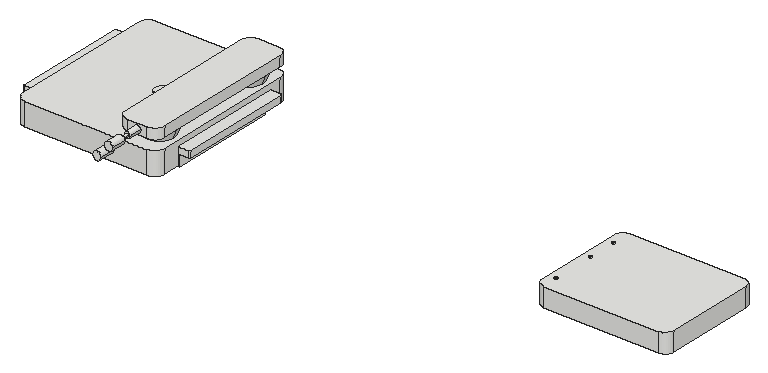
Revit family "Electronics -Communication_Urmet_1760-16", category Apparecchi elettrici, host Superficie, Revit 2017
Family settings
  Host = Superficie
  Mantenere orientamento annotazione = No
  Quota connettore circolare = Usa diametro
  Tipo di parte = Normale
  Taglio con vuoti quando caricato = No
  Condiviso = No
  Punto di calcolo locali = No
Parameters
  Youtube clip = ""
  Wiring = "2 wires"
  Weight net = 0.604 kg
  Voltage = "Low voltage (<50Vdc)"
  Video luminosity regulation = yes
  Video contrast regulation = yes
  Video color regulation = yes
  Uniformat II Description = "Communications & Security"
  Uniformat II Code = "D5030"
  Uniclass 2015 Name = "Intercom remote handsets"
  Uniclass 2015 Code = "Pr_75_75_27_43"
  Uniclass 2.0 Description = "Intercom Remote Handsets"
  Uniclass 2.0 Code = "PR-16-02-43"
  Uniclass 1.4 Description = "Intercom systems"
  Uniclass 1.4 Code = "L7632"
  URL = "https://www.urmet.com"
  UNSPSC Code = "43221525"
  UE Conformity Declaration: = "http://qrcode.urmet.com/default.aspx?prodUrmet=156134&lingua=en"
  Type image = "http://qrcode.urmet.com/default.aspx?prodUrmet=156134&lingua=en"
  Touch Display = yes
  Terminal block labels = "V-, V+, S-, S+, X2, X1, Y2, Y1, 2xCP, PANIC, 2xLINE OUT, 2xLINE IN"
  Temperature range (°C) = "-5/50"
  Technical description = "http://qrcode.urmet.com/default.aspx?prodUrmet=156134&lingua=en"
  System technology = "2 wires"
  System name = "2Voice\r\n2Voice\r\n2Voice\r\n2Voice"
  Switchboard call = yes
  Sustainability Performance = "RAEE/WEEE compliant"
  Selectable ringtone for external calls and floor call = yes
  Ringing volume regulation = yes
  Ringing off (mute) function = yes
  Remote relay activations = "1"
  Region South America = "All"
  Region Oceania = "All"
  Region North America = "All"
  Region Middle East = "All"
  Region Europe = "All"
  Region Asia = "All"
  Region Antarctica = "All"
  Region Africa = "All"
  QR code = ""
  Proprietary voice controls = yes
  Product url = "http://qrcode.urmet.com/default.aspx?prodUrmet=156134&lingua=en"
  Product group = ""
  Product family = ""
  Product data url = ""
  Product certification = "http://qrcode.urmet.com/default.aspx?prodUrmet=156134&lingua=en"
  Product SKU = "1760-16"
  Product Guide: = "http://qrcode.urmet.com/default.aspx?prodUrmet=156134&lingua=en"
  Predisposition for external optional ringer = yes
  Power consumption: = "http://qrcode.urmet.com/default.aspx?arg=manuali&sezione=2voice&lingua=en"
  Pedestrian door opening = yes
  Outgoing intercom calls = "32"
  OmniClass Description = "Door Entry Telephones"
  OmniClass Code = "23-37 23 17 13"
  Number of mechanical Pushbuttons = "0"
  Number of Touch buttons = "16"
  Nominal width = 130 mm
  Nominal height = 160 mm
  NBS Reference Description = "Intercom Remote Handsets"
  NBS Reference Code = "16-02-43"
  N. od terminal blocks = "16"
  Modello = "VOG5W"
  Material main = "Front panel: glass; casing: plastic"
  Masterformat 2014 Description = "Residential Intercommunications and Program Systems"
  Masterformat 2014 Code = "27 51 23.30"
  Manufacturer country = "China"
  Produttore = "Urmet S.p.A.\r\nUrmet S.p.A."
  Main led signalizations = "7"
  Keynote = ""
  Installation on 503 flush and 60 mm diameter round boxes = yes
  Installation instructions = "http://qrcode.urmet.com/default.aspx?prodUrmet=156134&lingua=en"
  Installation = "Surface mounting, flush mounting or table mounting (with optional accessory)"
  Incoming floor call = yes
  IP Grade = "30"
  IK Grade = "-"
  IFC Classification = "Electrical Element"
  Humidity range (%) = "95%"
  Home automation Yokis buttons = "8"
  Handset /Hands free = "Hands free"
  Gesture = yes
  Gate door opening = yes
  GTIN code = ""
  Finishing = "Gloss"
  Edition number = 1
  EAN Product Code = "8021156069798"
  Display resolution (pixel) = "800 x 480"
  Display Format = "16:9"
  Display Dimensions = "5’’ IPS-LCD"
  Dimensions (LxHxP) = "130 x 160 x 26 mm"
  Design country = "Italy"
  Descrizione = "HANDS-FREE WIFI VIDEO DOOR PHONE\r\nVIDEO HOUSEPHONE 4,3'’ HANDSFREE 2VOICE WHITE"
  Default Elevation = 1219.2 mm
  Date of publishing = "2023-02-01"
  Data-sheet: = "http://qrcode.urmet.com/default.aspx?prodUrmet=156134&lingua=en"
  Compatibility with Alexa = yes
  Combined Nomenclature Code = "8517691000"
  Color = "White RAL9003, black RAL9005"
  Call forwarding = "Yes"
  COBIe Type Category = ""
  Brand url = "https://www.urmet.com/en-us/"
  Auxiliary antenna for Hearing impaired people = yes
  Automatic door opening function = yes
  Auto-insertion function and scrolling of CCTV cameras = yes
  Audio or Audio/Video system = "Audio/video"
  Codice assieme = "1760/16"
  Additional led signalizations = "1"
Reference planes
  plane 1 "Center (Front/Back)": y = 0
  plane 2: z = 0
  plane 3 "Center (Left/Right)": x = 0
  plane 4: y = 65
  plane 5: y = -65
  plane 6: x = 600
  plane 7: x = 520
  plane 8: x = 680
  plane 9: y = 0
  plane 10: x = 570
  plane 11: x = 589
  plane 12: x = 608
  plane 13: y = -21.421
  plane 14: y = -80.537
  plane 15: y = -50.979
  plane 16: y = -36.2
  plane 17: x = 638.2
  plane 18: x = 657.2
  plane 19: x = 676.2
  plane 20: y = 51.715
  plane 21: y = -7.402
  plane 22: y = 22.156
  plane 23: y = 36.935
  plane 24: x = 638.2
  plane 25: x = 657.2
  plane 26: x = 676.2
  plane 27: y = 26.715
  plane 28: y = -32.402
  plane 29: y = -2.844
  plane 30: y = 11.935
  plane 31: x = 638.2
  plane 32: x = 657.2
  plane 33: x = 676.2
  plane 34: y = 4.228
  plane 35: y = -54.888
  plane 36: y = -25.33
  plane 37: y = -10.551
  plane 38: x = 638.2
  plane 39: x = 657.2
  plane 40: x = 676.2
  plane 41: y = -9.772
  plane 42: y = -68.888
  plane 43: y = -39.33
  plane 44: y = -24.551
  plane 45: x = 638.2
  plane 46: x = 657.2
  plane 47: x = 676.2
  plane 48: y = -23.772
  plane 49: y = -82.888
  plane 50: y = -53.33
  plane 51: y = -38.551
  plane 52: x = 638.2
  plane 53: x = 657.2
  plane 54: x = 676.2
  plane 55: y = -37.772
  plane 56: y = -96.888
  plane 57: y = -67.33
  plane 58: y = -52.551
Forms (mm)
  Extrusion 1, solid, material "Plastic - Urmet Plastic - RAL9003 - Gloss", not visible, detail levels fine
    sketch origin (125, -1171.075, 27.5) x (0, 1, 0) y (-1, 0, 0)
      loop
        line (1271.075, 51) -> (1271.075, 199)
        arc (1271.075, 199) -> (1267.414, 207.839) -> (1258.575, 211.5) r 12.5
        line (1258.575, 211.5) -> (1083.575, 211.5)
        arc (1083.575, 211.5) -> (1074.736, 207.839) -> (1071.075, 199) r 12.5
        line (1071.075, 199) -> (1071.075, 51)
        arc (1071.075, 51) -> (1074.736, 42.161) -> (1083.575, 38.5) r 12.5
        line (1083.575, 38.5) -> (1258.575, 38.5)
        arc (1258.575, 38.5) -> (1267.414, 42.161) -> (1271.075, 51) r 12.5
    from 0 to -27.5
  Sweep 2, void, not visible
    path origin (125, -1208.075, 27.5) x (1, 0, 0) y (0, 1, 0)
      loop
        circle (-109.73, 1168.075) r 5
    profile origin (15.27, -45, 27.5) x (0, -1, 0) y (0, 0, 1)
      loop
        line (0, 0) -> (0, -1)
        arc (0, -1) -> (0.856, -0.658) -> (1.5, 0) r 2.228
        line (1.5, 0) -> (0, 0)
  Revolve 3, void, not visible
    sketch origin (15.27, -1171.075, -75) x (0, 0, 1) y (0, 1, 0)
      loop
        line (100.7, 1168.075) -> (100.7, 1159.075)
        arc (100.7, 1159.075) -> (101.176, 1156.974) -> (102.5, 1155.275) r 4.946
        line (102.5, 1155.275) -> (102.5, 1168.075) -> (100.7, 1168.075)
      axis (102.5, 1168.075) -> (100.7, 1168.075)
    angle from 0 to 360
  Sweep 4, void, not visible
    path origin (125, -1225.575, 27.5) x (1, 0, 0) y (0, 1, 0)
      loop
        circle (-109.73, 1168.075) r 5
    profile origin (15.27, -62.5, 27.5) x (0, -1, 0) y (0, 0, 1)
      loop
        line (0, 0) -> (0, -1)
        arc (0, -1) -> (0.856, -0.658) -> (1.5, 0) r 2.228
        line (1.5, 0) -> (0, 0)
  Sweep 5, void, not visible
    path origin (125, -1243.075, 27.5) x (1, 0, 0) y (0, 1, 0)
      loop
        circle (-109.73, 1168.075) r 5
    profile origin (15.27, -80, 27.5) x (0, -1, 0) y (0, 0, 1)
      loop
        line (0, 0) -> (0, -1)
        arc (0, -1) -> (0.856, -0.658) -> (1.5, 0) r 2.228
        line (1.5, 0) -> (0, 0)
  Sweep 6, void, not visible
    path origin (125, -1171.075, 27.5) x (1, 0, 0) y (0, 1, 0)
      loop
        arc (-196.8, 1251.675) -> (-197.578, 1251.353) -> (-197.9, 1250.575) r 1.1
        line (-197.9, 1250.575) -> (-197.9, 1196.175)
        arc (-197.9, 1196.175) -> (-197.578, 1195.397) -> (-196.8, 1195.075) r 1.1
        line (-196.8, 1195.075) -> (-101.6, 1195.075)
        arc (-101.6, 1195.075) -> (-100.822, 1195.397) -> (-100.5, 1196.175) r 1.1
        line (-100.5, 1196.175) -> (-100.5, 1250.575)
        arc (-100.5, 1250.575) -> (-100.822, 1251.353) -> (-101.6, 1251.675) r 1.1
        line (-101.6, 1251.675) -> (-196.8, 1251.675)
    profile origin (-24.2, 80.6, 27.5) x (0, 1, 0) y (0, 0, 1)
      loop
        line (0, 0) -> (0, -1)
        arc (0, -1) -> (2.056, -0.725) -> (4, 0) r 9.264
        line (4, 0) -> (0, 0)
  Extrusion 7, void, not visible
    sketch origin (125, -1171.075, 27.5) x (1, 0, 0) y (0, 1, 0)
      loop
        line (-101.6, 1251.675) -> (-196.8, 1251.675)
        arc (-196.8, 1251.675) -> (-197.578, 1251.353) -> (-197.9, 1250.575) r 1.1
        line (-197.9, 1250.575) -> (-197.9, 1196.175)
        arc (-197.9, 1196.175) -> (-197.578, 1195.397) -> (-196.8, 1195.075) r 1.1
        line (-196.8, 1195.075) -> (-101.6, 1195.075)
        arc (-101.6, 1195.075) -> (-100.822, 1195.397) -> (-100.5, 1196.175) r 1.1
        line (-100.5, 1196.175) -> (-100.5, 1250.575)
        arc (-100.5, 1250.575) -> (-100.822, 1251.353) -> (-101.6, 1251.675) r 1.1
    from -3 to 3
  Sweep 8, void, not visible
    path origin (172.23, -1171.075, 27.5) x (1, 0, 0) y (0, 1, 0)
      loop
        circle (-109.73, 1168.075) r 10.6
    profile origin (62.5, -13.6, 27.5) x (0, -1, 0) y (0, 0, 1)
      loop
        arc (0, -1) -> (2.059, -0.736) -> (4, 0) r 8.84
        line (4, 0) -> (0, 0) -> (0, -1)
  Extrusion 9, solid, material "Plastic - Urmet Plastic - RAL9003 - Gloss", not visible, detail levels fine
    sketch origin (125, -1171.075, 40) x (1, 0, 0) y (0, 1, 0)
      loop
        arc (-74.15, 1271.075) -> (-82.989, 1267.414) -> (-86.65, 1258.575) r 12.5
        line (-86.65, 1258.575) -> (-86.65, 1083.575)
        arc (-86.65, 1083.575) -> (-82.989, 1074.736) -> (-74.15, 1071.075) r 12.5
        line (-74.15, 1071.075) -> (-50.85, 1071.075)
        arc (-50.85, 1071.075) -> (-42.011, 1074.736) -> (-38.35, 1083.575) r 12.5
        line (-38.35, 1083.575) -> (-38.35, 1258.575)
        arc (-38.35, 1258.575) -> (-42.011, 1267.414) -> (-50.85, 1271.075) r 12.5
        line (-50.85, 1271.075) -> (-74.15, 1271.075)
    from 0 to 12
  Blend 10, solid, material "Plastic - Urmet Plastic - RAL9003 - Gloss", not visible, detail levels fine
    base sketch origin (125, -100, -75.097) x (0, 0, -1) y (1, 0, 0)
      loop
        circle (-121, -62.5) r 3.3
    top sketch origin (125, -114.75, -75.097) x (0, 0, -1) y (1, 0, 0)
      loop
        circle (-121, -62.5) r 4
    from 14.75 to -14.75
  Blend 11, solid, material "Plastic - Urmet Plastic - RAL9003 - Gloss", not visible, detail levels fine
    base sketch origin (125, -1223.47, 40) x (0, 1, 0) y (-1, 0, 0)
      loop
        circle (1157.475, 62.5) r 17.534
    top sketch origin (125, -1223.47, 40) x (0, 1, 0) y (-1, 0, 0)
      loop
        circle (1157.475, 62.5) r 22.447
    from -12.5 to 0
  Blend 12, solid, material "Plastic - Urmet Plastic - RAL9003 - Gloss", not visible, detail levels fine
    base sketch origin (125, -1088.47, 40) x (0, 1, 0) y (-1, 0, 0)
      loop
        circle (1157.475, 62.5) r 17.534
    top sketch origin (125, -1088.47, 40) x (0, 1, 0) y (-1, 0, 0)
      loop
        circle (1157.475, 62.5) r 22.447
    from -12.5 to 0
  Extrusion 13, solid, material "Plastic - Urmet Plastic - RAL9003 - Gloss", not visible, detail levels medium
    sketch origin (425, -1171.075, 27.5) x (0, 1, 0) y (-1, 0, 0)
      loop
        line (1271.075, 51) -> (1271.075, 199)
        arc (1271.075, 199) -> (1267.414, 207.839) -> (1258.575, 211.5) r 12.5
        line (1258.575, 211.5) -> (1083.575, 211.5)
        arc (1083.575, 211.5) -> (1074.736, 207.839) -> (1071.075, 199) r 12.5
        line (1071.075, 199) -> (1071.075, 51)
        arc (1071.075, 51) -> (1074.736, 42.161) -> (1083.575, 38.5) r 12.5
        line (1083.575, 38.5) -> (1258.575, 38.5)
        arc (1258.575, 38.5) -> (1267.414, 42.161) -> (1271.075, 51) r 12.5
    from 0 to -27.5
  Extrusion 14, solid, material "Plastic - Urmet Plastic - RAL9003 - Gloss", not visible, detail levels medium
    sketch origin (425, -1171.075, 40) x (1, 0, 0) y (0, 1, 0)
      loop
        arc (-74.15, 1271.075) -> (-82.989, 1267.414) -> (-86.65, 1258.575) r 12.5
        line (-86.65, 1258.575) -> (-86.65, 1083.575)
        arc (-86.65, 1083.575) -> (-82.989, 1074.736) -> (-74.15, 1071.075) r 12.5
        line (-74.15, 1071.075) -> (-50.85, 1071.075)
        arc (-50.85, 1071.075) -> (-42.011, 1074.736) -> (-38.35, 1083.575) r 12.5
        line (-38.35, 1083.575) -> (-38.35, 1258.575)
        arc (-38.35, 1258.575) -> (-42.011, 1267.414) -> (-50.85, 1271.075) r 12.5
        line (-50.85, 1271.075) -> (-74.15, 1271.075)
    from 0 to 12
  Extrusion 15, void, not visible, detail levels medium
    sketch origin (425, -1171.075, 27.5) x (-1, 0, 0) y (0, 1, 0)
      loop
        line (197.9, 1251.675) -> (100.5, 1251.675) -> (100.5, 1195.075) -> (197.9, 1195.075) -> (197.9, 1251.675)
    from 0 to 3
  Extrusion 16, solid, material "Plastic - Urmet Plastic - RAL9003 - Gloss", not visible, detail levels medium
    sketch origin (125, -1171.075, 27.5) x (0, 1, 0) y (-1, 0, 0)
      loop
        circle (1105.08, -237.35) r 20
      loop
        circle (1240.08, -237.35) r 20
    from 0 to 12.5
  Extrusion 17, solid, material "Plastic - Urmet Plastic - RAL9003 - Gloss", not visible, detail levels coarse
    sketch origin (125, -1171.075, 27.5) x (0, 1, 0) y (-1, 0, 0)
      loop
        line (1271.075, -388.5) -> (1071.075, -388.5) -> (1071.075, -561.65) -> (1271.075, -561.65) -> (1271.075, -388.5)
    from -27.5 to 24.5
  Extrusion 18, solid, material "Plastic - Urmet Plastic - RAL9003 - Gloss", not visible, detail levels fine
    sketch origin (125, -1171.075, 27.5) x (0, 1, 0) y (-1, 0, 0)
      loop
        circle (1168.075, 109.73) r 8.6
    from -1.8 to 1.2
  Extrusion 19, solid, material "Plastic - Urmet Plastic - RAL9003 - Gloss", not visible, detail levels fine
    sketch origin (10, 0, 0) x (1, 0, 0) y (0, 0, 1)
      loop
        circle (27.785, 21.154) r 1.5
    from 100 to 110.794
  Extrusion 20, solid, material "Plastic - Urmet Plastic - RAL9003 - Gloss", not visible, detail levels fine
    sketch origin (10, 0, 0) x (1, 0, 0) y (0, 0, 1)
      loop
        circle (27.801, 21.17) r 5
    from 110.794 to 130.126
  Extrusion 21, solid, material "Plastic - Urmet Plastic - RAL9003 - Gloss", not visible, detail levels fine
    sketch origin (34.699, 0, 24.699) x (1, 0, 0) y (0, 0, 1)
      loop
        circle (27.785, 21.154) r 1.5
    from 114.75 to 125.552
  Extrusion 22, solid, material "Plastic - Urmet Plastic - RAL9003 - Gloss", not visible, detail levels fine
    sketch origin (34.699, 0, 24.699) x (1, 0, 0) y (0, 0, 1)
      loop
        circle (27.801, 21.17) r 5
    from 125.552 to 143.369
  Extrusion 23, solid, material "Plastic - Urmet Plastic - RAL9003 - Gloss", not visible, detail levels fine
    sketch origin (125, -1171.075, -0.3) x (0, 1, 0) y (-1, 0, 0)
      loop
        arc (1242.075, 224.5) -> (1241.636, 225.561) -> (1240.575, 226) r 1.5
        line (1240.575, 226) -> (1103.689, 226)
        arc (1103.689, 226) -> (1102.629, 225.561) -> (1102.189, 224.5) r 1.5
        line (1102.189, 224.5) -> (1102.189, 24.638)
        arc (1102.189, 24.638) -> (1102.629, 23.578) -> (1103.689, 23.138) r 1.5
        line (1103.689, 23.138) -> (1240.575, 23.138)
        arc (1240.575, 23.138) -> (1241.636, 23.578) -> (1242.075, 24.638) r 1.5
        line (1242.075, 24.638) -> (1242.075, 224.5)
    from 14 to 22.3
  Revolve 24, void, not visible
    sketch origin (0, -104.83, 0) x (0, 1, 0) y (0, 0, 1)
      loop
        line (50.53, 22) -> (50.53, 20.5) -> (56.03, 20.5) -> (56.03, 21.417) -> (57.28, 22) -> (50.53, 22)
      axis (50.53, 20.5) -> (50.53, 22)
    angle from 0 to 360
  Extrusion 25, solid, material "Plastic - Urmet Plastic - RAL9003 - Gloss", not visible, detail levels fine
    sketch origin (0, -54.3, 20.5) x (0, 1, 0) y (-1, 0, 0)
      loop
        circle (0, 0) r 5.4
    from 0 to 3
  Sweep 26, void, not visible
    path origin (119.498, -1167.646, 22) x (0, 1, 0) y (-1, 0, 0)
      loop
        circle (1113.346, 99.498) r 5.5
    profile origin (14.5, -54.3, 22) x (1, 0, 0) y (0, 0, 1)
      loop
        line (0, 0) -> (-1, 0) -> (0, -1) -> (0, 0)
  Sweep 27, void, not visible
    path origin (139.498, -1167.646, 22) x (0, 1, 0) y (-1, 0, 0)
      loop
        circle (1113.346, 99.498) r 5.5
    profile origin (34.5, -54.3, 22) x (1, 0, 0) y (0, 0, 1)
      loop
        line (0, 0) -> (-1, 0) -> (0, -1) -> (0, 0)
  Sweep 28, void, not visible
    path origin (-119.498, -1167.646, 22) x (0, 1, 0) y (-1, 0, 0)
      loop
        circle (1113.346, -99.498) r 5.5
    profile origin (-14.5, -54.3, 22) x (1, 0, 0) y (0, 0, 1)
      loop
        line (0, 0) -> (0, -1) -> (1, 0) -> (0, 0)
  Sweep 29, void, not visible
    path origin (-139.498, -1167.646, 22) x (0, 1, 0) y (-1, 0, 0)
      loop
        circle (1113.346, -99.498) r 5.5
    profile origin (-34.5, -54.3, 22) x (1, 0, 0) y (0, 0, 1)
      loop
        line (0, 0) -> (0, -1) -> (1, 0) -> (0, 0)
  Sweep 30, void, not visible
    path origin (119.284, -1171.075, 22) x (0, 1, 0) y (-1, 0, 0)
      loop
        line (1118.028, 37.264) -> (1118.028, 61.264)
        arc (1118.028, 61.264) -> (1116.378, 62.914) -> (1114.728, 61.264) r 1.65
        line (1114.728, 61.264) -> (1114.728, 37.264)
        arc (1114.728, 37.264) -> (1116.378, 35.614) -> (1118.028, 37.264) r 1.65
    profile origin (70.02, -53.047, 22) x (0, -1, 0) y (0, 0, 1)
      loop
        line (0, 0) -> (-1, 0) -> (0, -1) -> (0, 0)
  Sweep 31, void, not visible
    path origin (-119.284, -1171.075, 22) x (0, 1, 0) y (-1, 0, 0)
      loop
        arc (1118.028, -37.264) -> (1116.378, -35.614) -> (1114.728, -37.264) r 1.65
        line (1114.728, -37.264) -> (1114.728, -61.264)
        arc (1114.728, -61.264) -> (1116.378, -62.914) -> (1118.028, -61.264) r 1.65
        line (1118.028, -61.264) -> (1118.028, -37.264)
    profile origin (-70.02, -53.047, 22) x (0, 1, 0) y (0, 0, 1)
      loop
        line (0, 0) -> (0, -1) -> (1, 0) -> (0, 0)
  Extrusion 32, solid, material "Plastic - Urmet Plastic - RAL9003 - Gloss", not visible, detail levels fine
    sketch origin (125, -1171.075, 22) x (0, 1, 0) y (-1, 0, 0)
      loop
        line (1232.075, 213.7) -> (1103.423, 213.7) -> (1103.423, 36.3) -> (1232.075, 36.3) -> (1232.075, 213.7)
    from -22 to -8.3
  Extrusion 33, solid, material "Plastic - Urmet Plastic - RAL9003 - Gloss", not visible, detail levels medium
    sketch origin (0, 0, 0) x (1, 0, 0) y (0, 1, 0)
      loop
        line (214, 69.5) -> (214, -67.386)
        arc (214, -67.386) -> (214.439, -68.446) -> (215.5, -68.886) r 1.5
        line (215.5, -68.886) -> (415.362, -68.886)
        arc (415.362, -68.886) -> (416.422, -68.446) -> (416.862, -67.386) r 1.5
        line (416.862, -67.386) -> (416.862, 69.5)
        arc (416.862, 69.5) -> (416.422, 70.561) -> (415.362, 71) r 1.5
        line (415.362, 71) -> (215.5, 71)
        arc (215.5, 71) -> (214.439, 70.561) -> (214, 69.5) r 1.5
    from 13.7 to 22
  Extrusion 34, solid, material "Plastic - Urmet Plastic - RAL9003 - Gloss", not visible, detail levels medium
    sketch origin (440, -1171.075, 22) x (0, 1, 0) y (-1, 0, 0)
      loop
        line (1232.075, 213.7) -> (1103.423, 213.7) -> (1103.423, 36.3) -> (1232.075, 36.3) -> (1232.075, 213.7)
    from -22 to -8.3
  Extrusion 35, solid, material "Plastic - Urmet Plastic - RAL9003 - Gloss", not visible, detail levels coarse
    sketch origin (260, 0, 0) x (1, 0, 0) y (0, 1, 0)
      loop
        line (214, 71) -> (214, -68.886) -> (416.862, -68.886) -> (416.862, 71) -> (214, 71)
    from 0 to 22
  Extrusion 36, solid, material "Plastic - Urmet Plastic - RAL9003 - Gloss", not visible, detail levels coarse
    sketch origin (425, -1171.075, 27.5) x (0, 1, 0) y (-1, 0, 0)
      loop
        line (1236.075, -95) -> (1106.075, -95) -> (1106.075, -255) -> (1236.075, -255) -> (1236.075, -95)
    from -27.5 to -4.5
  Extrusion 37, solid, material "Plastic - Urmet Plastic - RAL9003 - Gloss", not visible, detail levels fine
    sketch origin (269.144, -470.039, 0) x (0, -1, 0) y (1, 0, 0)
      loop
        line (-535.039, 400.856) -> (-535.039, 260.856)
        arc (-535.039, 260.856) -> (-532.11, 253.785) -> (-525.039, 250.856) r 10
        line (-525.039, 250.856) -> (-415.039, 250.856)
        arc (-415.039, 250.856) -> (-407.968, 253.785) -> (-405.039, 260.856) r 10
        line (-405.039, 260.856) -> (-405.039, 400.856)
        arc (-405.039, 400.856) -> (-407.968, 407.927) -> (-415.039, 410.856) r 10
        line (-415.039, 410.856) -> (-525.039, 410.856)
        arc (-525.039, 410.856) -> (-532.11, 407.927) -> (-535.039, 400.856) r 10
    from 0 to 23
  Sweep 38, void, not visible
    path origin (269.144, -470.039, 23) x (0, -1, 0) y (1, 0, 0)
      loop
        line (-520.239, 366.156) -> (-520.239, 273.856)
        arc (-520.239, 273.856) -> (-519.947, 273.149) -> (-519.239, 272.856) r 1
        line (-519.239, 272.856) -> (-468.539, 272.856)
        arc (-468.539, 272.856) -> (-467.832, 273.149) -> (-467.539, 273.856) r 1
        line (-467.539, 273.856) -> (-467.539, 366.156)
        arc (-467.539, 366.156) -> (-467.832, 366.864) -> (-468.539, 367.156) r 1
        line (-468.539, 367.156) -> (-519.239, 367.156)
        arc (-519.239, 367.156) -> (-519.947, 366.864) -> (-520.239, 366.156) r 1
    profile origin (589.15, 50.2, 23) x (0, -1, 0) y (0, 0, 1)
      loop
        arc (-4, 0) -> (-2.072, -0.787) -> (0, -1) r 7.328
        line (0, -1) -> (0, 0) -> (-4, 0)
  Sweep 39, void, not visible
    path origin (197.144, -541.54, 23) x (1, 0, 0) y (0, 1, 0)
      loop
        circle (391.856, 505.34) r 11
    profile origin (589, -25.2, 23) x (0, -1, 0) y (0, 0, 1)
      loop
        line (0, 0) -> (-4.5, 0)
        arc (-4.5, 0) -> (-2.363, -1.088) -> (0, -1.5) r 8.064
        line (0, -1.5) -> (0, 0)
  Extrusion 40, void, not visible
    sketch origin (269.144, -470.039, 23) x (1, 0, 0) y (0, 1, 0)
      loop
        arc (257.256, 507.339) -> (259.256, 505.339) -> (261.256, 507.339) r 2
        line (261.256, 507.339) -> (261.256, 516.739)
        arc (261.256, 516.739) -> (259.256, 518.739) -> (257.256, 516.739) r 2
        line (257.256, 516.739) -> (257.256, 507.339)
      loop
        arc (257.256, 472.939) -> (259.256, 470.939) -> (261.256, 472.939) r 2
        line (261.256, 472.939) -> (261.256, 482.339)
        arc (261.256, 482.339) -> (259.256, 484.339) -> (257.256, 482.339) r 2
        line (257.256, 482.339) -> (257.256, 472.939)
      loop
        arc (261.256, 428.319) -> (259.256, 430.319) -> (257.256, 428.319) r 2
        line (257.256, 428.319) -> (257.256, 424.519)
        arc (257.256, 424.519) -> (259.256, 422.519) -> (261.256, 424.519) r 2
        line (261.256, 424.519) -> (261.256, 428.319)
    from 0 to -2
  Extrusion 41, solid, material "Plastic - Urmet Plastic - RAL9003 - Gloss", not visible, detail levels fine
    sketch origin (269.144, -470.039, 23) x (1, 0, 0) y (0, 1, 0)
      loop
        circle (259.256, 512.423) r 1.8
      loop
        circle (259.169, 477.436) r 1.8
      loop
        circle (259.256, 424.587) r 1.8
    from 0 to -2
  Extrusion 42, void, not visible
    sketch origin (-103.898, -1502.241, -10.198) x (-1, 0, 0) y (0, 1, 0)
      loop
        arc (-645.898, 1551.441) -> (-646.191, 1552.148) -> (-646.898, 1552.441) r 1
        line (-646.898, 1552.441) -> (-739.198, 1552.441)
        arc (-739.198, 1552.441) -> (-739.905, 1552.148) -> (-740.198, 1551.441) r 1
        line (-740.198, 1551.441) -> (-740.198, 1500.741)
        arc (-740.198, 1500.741) -> (-739.905, 1500.034) -> (-739.198, 1499.741) r 1
        line (-739.198, 1499.741) -> (-646.898, 1499.741)
        arc (-646.898, 1499.741) -> (-646.191, 1500.034) -> (-645.898, 1500.741) r 1
        line (-645.898, 1500.741) -> (-645.898, 1551.441)
    from -33.198 to -31.198
  Sweep 43, void, not visible
    path origin (265.343, -468.404, 23) x (1, 0, 0) y (0, 1, 0)
      loop
        circle (391.856, 505.34) r 6.3
    profile origin (657.2, 43.235, 23) x (0, -1, 0) y (0, 0, 1)
      loop
        line (0, 0) -> (-2.066, 0)
        arc (-2.066, 0) -> (-1.116, -0.67) -> (0, -1) r 3.572
        line (0, -1) -> (0, 0)
  Sweep 44, void, not visible
    path origin (265.343, -493.404, 23) x (1, 0, 0) y (0, 1, 0)
      loop
        circle (391.856, 505.34) r 6.3
    profile origin (657.2, 18.235, 23) x (0, -1, 0) y (0, 0, 1)
      loop
        line (0, 0) -> (-2.066, 0)
        arc (-2.066, 0) -> (-1.116, -0.67) -> (0, -1) r 3.572
        line (0, -1) -> (0, 0)
  Sweep 45, void, not visible
    path origin (265.343, -515.89, 23) x (1, 0, 0) y (0, 1, 0)
      loop
        circle (391.856, 505.34) r 4
    profile origin (657.2, -6.551, 23) x (0, -1, 0) y (0, 0, 1)
      loop
        line (0, 0) -> (-2.066, 0)
        arc (-2.066, 0) -> (-1.116, -0.67) -> (0, -1) r 3.572
        line (0, -1) -> (0, 0)
  Sweep 46, void, not visible
    path origin (265.343, -529.89, 23) x (1, 0, 0) y (0, 1, 0)
      loop
        circle (391.856, 505.34) r 4
    profile origin (657.2, -20.551, 23) x (0, -1, 0) y (0, 0, 1)
      loop
        line (0, 0) -> (-2.066, 0)
        arc (-2.066, 0) -> (-1.116, -0.67) -> (0, -1) r 3.572
        line (0, -1) -> (0, 0)
  Sweep 47, void, not visible
    path origin (265.343, -543.89, 23) x (1, 0, 0) y (0, 1, 0)
      loop
        circle (391.856, 505.34) r 4
    profile origin (657.2, -34.551, 23) x (0, -1, 0) y (0, 0, 1)
      loop
        line (0, 0) -> (-2.066, 0)
        arc (-2.066, 0) -> (-1.116, -0.67) -> (0, -1) r 3.572
        line (0, -1) -> (0, 0)
  Sweep 48, void, not visible
    path origin (265.343, -557.89, 23) x (1, 0, 0) y (0, 1, 0)
      loop
        circle (391.856, 505.34) r 4
    profile origin (657.2, -48.551, 23) x (0, -1, 0) y (0, 0, 1)
      loop
        line (0, 0) -> (-2.066, 0)
        arc (-2.066, 0) -> (-1.116, -0.67) -> (0, -1) r 3.572
        line (0, -1) -> (0, 0)
Lines and regions (mm)
  Masking region 1
    outline origin (0, 0, 0) x (1, 0, 0) y (0, 0, 1)
      loop
        line (80, 23) -> (-80, 23) -> (-80, 0) -> (80, 0) -> (80, 23)
  Split face 1, not visible
    outline origin (-279, 71, 22) x (-1, 0, 0) y (0, -1, 0)
      loop
        line (-181, 5.3) -> (-181, 112) -> (-377, 112) -> (-377, 5.3)
        arc (-377, 5.3) -> (-376.326, 3.674) -> (-374.7, 3) r 2.3
        line (-374.7, 3) -> (-183.3, 3)
        arc (-183.3, 3) -> (-181.674, 3.674) -> (-181, 5.3) r 2.3
  Split face 2, not visible
    outline origin (-279, 71, 22) x (-1, 0, 0) y (0, -1, 0)
      loop
        line (-355.8, 14.7) -> (-202.2, 14.7) -> (-202.2, 100.1) -> (-355.8, 100.1) -> (-355.8, 14.7)
  Split face 3, not visible
    outline origin (0, 0, 22) x (1, 0, 0) y (0, 1, 0)
      loop
        line (238.631, 56.3) -> (238.631, -29.1) -> (392.231, -29.1) -> (392.231, 56.3) -> (238.631, 56.3)
Dimensions and locks
  locked: Extrusion 37 sketch curve to Extrusion 37 sketch curve at 160
  locked: Extrusion 37 sketch curve to Extrusion 37 sketch curve at 130
  equal spacing: plane 17, plane 18, plane 19
  equal spacing: plane 24, plane 25, plane 26
  equal spacing: plane 31, plane 32, plane 33
  equal spacing: plane 38, plane 39, plane 40
  equal spacing: plane 45, plane 46, plane 47
  equal spacing: plane 52, plane 53, plane 54
  aligned and locked: plane 2 to host face
  aligned and locked: level to host face
